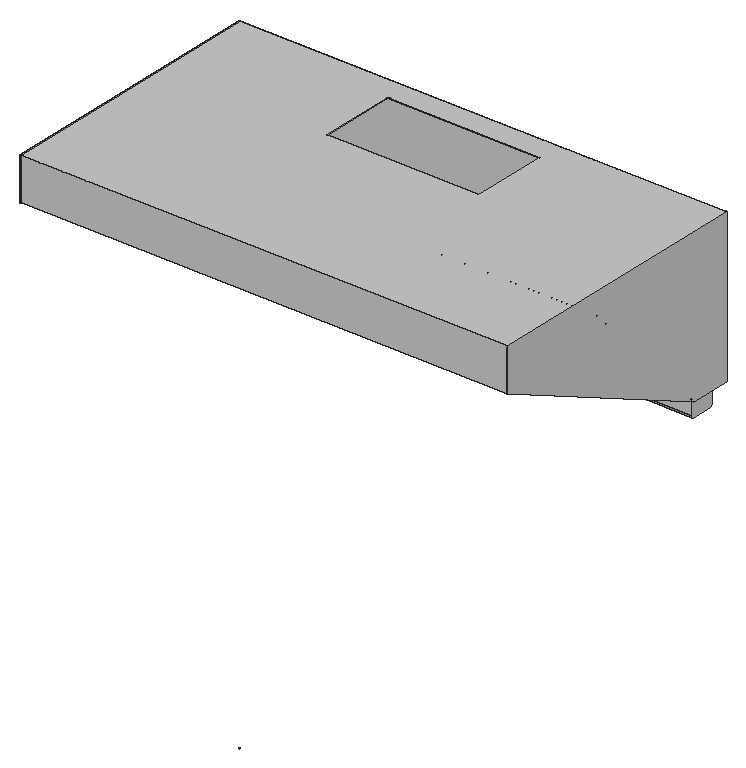
Revit family "QF_ELECTROLUXPROFESSIONAL_642287_MP916BT", category Specialty Equipment, Revit 2014
Reference planes
  plane 1: z = 0
  plane 2 "Center (Left/Right)": x = 150
  plane 3 "LEFT": x = -650
  plane 4 "RIGHT": x = 950
  plane 5 "BACK": y = 550
  plane 6 "Plane": z = 2000
  plane 7 "TOP": z = 2140
  plane 8 "Base": z = 1640
  plane 9: z = 1566
  plane 10 "DrainY": y = 485
  plane 11: x = -647
  plane 12: through (0, 414.509, 1640.8) normal (0, 0.7314, 0.682)
  plane 13: y = 470
  plane 14: y = 220
  plane 15 "DrainX": x = 830
  plane 16: x = -100
  plane 17: x = 400
  plane 18: x = 947
  plane 19: x = 740
  plane 20: x = 920
  plane 21: x = -450
  plane 22: x = 750
  plane 23: x = -47.5
  plane 24: x = 347.5
  plane 25 "Center (Front/Back)": y = 100
  plane 26: y = -350
Forms (mm)
  Extrusion 1, solid, material "QF_Finishes_Stainless Steel"
    sketch origin (-650, 0, 0) x (0, 1, 0) y (0, 0, 1)
      loop
        line (550, 1640) -> (550, 2140) -> (-350, 2140) -> (-350, 1998.603) -> (413.973, 1640) -> (550, 1640)
    from 0 to 3
  Extrusion 2, solid, material "QF_Finishes_Stainless Steel"
    sketch origin (150, 0, 0) x (0, 1, 0) y (0, 0, 1)
      loop
        line (415.255, 1640) -> (550, 1640) -> (550, 2139.19) -> (549.2, 2139.19) -> (549.2, 1640.8) -> (415.876, 1640.8) -> (339.347, 1722.867) -> (349.609, 1732.436) -> (348.927, 1733.167) -> (337.934, 1722.917) -> (415.255, 1640)
      loop
        line (-82.203, 2139.19) -> (-82.203, 2118.6) -> (-31.047, 2118.6) -> (34.354, 2048.466) -> (46.028, 2059.352) -> (45.346, 2060.083) -> (34.403, 2049.879) -> (-30.612, 2119.6) -> (-81.203, 2119.6) -> (-81.203, 2139.19) -> (-82.203, 2139.19)
    from -797 to 797
  Extrusion 3, solid, material "QF_Finishes_Stainless Steel"
    sketch origin (950, 0, 0) x (0, 1, 0) y (0, 0, 1)
      loop
        line (550, 1640) -> (550, 2140) -> (-350, 2140) -> (-350, 1998.603) -> (413.973, 1640) -> (550, 1640)
    from 0 to -3
  Extrusion 4, solid, material "QF_Finishes_Stainless Steel"
    sketch origin (150, 0, 0) x (0, 1, 0) y (0, 0, 1)
      loop
        line (-350, 2140) -> (-350, 2000) -> (-349.2, 2000) -> (-349.2, 2139.19) -> (550, 2139.19) -> (550, 2140) -> (-350, 2140)
    from -800 to 800
  Extrusion 5, solid, material "QF_Finishes_Stainless Steel"
    sketch origin (150, 0, 0) x (0, 1, 0) y (0, 0, 1)
      loop
        line (534, 1640) -> (436, 1640) -> (436, 1627) -> (443.5, 1627) -> (443.5, 1576)
        arc (443.5, 1576) -> (446.429, 1568.929) -> (453.5, 1566) r 10
        line (453.5, 1566) -> (516.5, 1566)
        arc (516.5, 1566) -> (523.571, 1568.929) -> (526.5, 1576) r 10
        line (526.5, 1576) -> (526.5, 1627) -> (534, 1627) -> (534, 1640)
    from 590 to 770
  Extrusion 6, solid, material "QF_Finishes_Stainless Steel"
    sketch origin (0, 0, 1640) x (0, 1, 0) y (-1, 0, 0)
      loop
        circle (485, -830) r 20
    from -76 to -74
  Extrusion 7, solid, material "QF_Finished_Chrome"
    sketch origin (150, 0, 0) x (0, 1, 0) y (0, 0, 1)
      loop
        line (337.934, 1722.917) -> (341.591, 1726.327) -> (38.011, 2051.876) -> (34.354, 2048.466) -> (337.934, 1722.917)
    from -197.5 to -600
  Extrusion 8, solid, material "QF_Finishes_Stainless Steel"
    sketch origin (150, 0, 0) x (0, 1, 0) y (0, 0, 1)
      loop
        line (337.934, 1722.917) -> (341.591, 1726.327) -> (38.011, 2051.876) -> (34.354, 2048.466) -> (337.934, 1722.917)
    from 797 to 600
  Extrusion 9, solid, material "QF_Finished_Chrome"
    sketch origin (150, 0, 0) x (0, 1, 0) y (0, 0, 1)
      loop
        line (341.588, 1726.324) -> (38.009, 2051.874) -> (34.354, 2048.466) -> (337.934, 1722.917) -> (341.588, 1726.324)
    from 197.5 to 600
  Extrusion 10, void
    sketch origin (0, 0, 2140) x (0, 1, 0) y (-1, 0, 0)
      loop
        line (470, -400) -> (470, 100) -> (220, 100) -> (220, -400) -> (470, -400)
    from 0 to -10
  Extrusion 11, solid, material "QF_Finishes_Stainless Steel"
    sketch origin (0, 0, 0) x (1, 0, 0) y (0, 1, 0)
      loop
        line (-650, 550) -> (-650, 549) -> (-649, 549) -> (-649, 550) -> (-650, 550)
    from 0 to 1
  Extrusion 12, solid, material "QF_Finishes_Stainless Steel"
    sketch origin (150, 0, 0) x (0, 1, 0) y (0, 0, 1)
      loop
        line (337.934, 1722.917) -> (341.591, 1726.327) -> (38.011, 2051.876) -> (34.354, 2048.466) -> (337.934, 1722.917)
    from -600 to -797
  Extrusion 13, solid, material "QF_Finishes_Stainless Steel"
    sketch origin (150, 0, 0) x (0, 1, 0) y (0, 0, 1)
      loop
        line (337.934, 1722.917) -> (341.591, 1726.327) -> (38.011, 2051.876) -> (34.354, 2048.466) -> (337.934, 1722.917)
    from 197.5 to -197.5
Cuts and joins
  Extrusion 10 cuts Extrusion 4
  joined: Extrusion 2, Extrusion 4
Lines and regions (mm)
  reference lines
    curve 1: line (150, 34.354, 2048.466) -> (150, 34.354, 1888.466)
  symbolic lines, style "SpecialityEquipment", detail levels coarse
    curve 2: line (950, 550, 2140) -> (-650, 550, 2140)
    curve 3: line (-650, 550, 2140) -> (-650, -350, 2140)
    curve 4: line (950, -350, 2140) -> (950, 550, 2140)
    curve 5: line (-650, -350, 2140) -> (950, -350, 2140)
    curve 6: line (400, 220, 2140) -> (-100, 220, 2140)
    curve 7: line (400, 470, 2140) -> (400, 220, 2140)
    curve 8: line (-100, 470, 2140) -> (400, 470, 2140)
    curve 9: line (-100, 220, 2140) -> (-100, 470, 2140)
    curve 10: line (-650, 550, 0) -> (950, -350, 0)
    curve 11: line (950, 550, 0) -> (-650, -350, 0)
Dimensions and locks
  plane 3 "LEFT" to plane 4 "RIGHT" = 1600 mm
  equal spacing: plane 3 "LEFT", plane 2 "Center (Left/Right)", plane 4 "RIGHT"
  locked: plane 6 "Plane" to level at 2000
  plane 7 "TOP" to plane 6 "Plane" = 140 mm
  locked: plane 7 "TOP" to plane 8 "Base" at 500
  plane 8 "Base" to plane 9 = 74 mm
  plane 5 "BACK" to plane 10 "DrainY" = 65 mm  (x2)
  plane 3 "LEFT" to plane 11 = 3 mm
  plane 5 "BACK" to plane 13 = 80 mm
  plane 13 to plane 14 = 250 mm  (x2)
  plane 15 "DrainX" to plane 4 "RIGHT" = 120 mm
  plane 18 to plane 4 "RIGHT" = 3 mm
  locked: plane 19 to plane 15 "DrainX" at 90
  locked: plane 15 "DrainX" to plane 20 at 90
  plane 13 to plane 5 "BACK" = 80 mm
  plane 3 "LEFT" to plane 21 = 200 mm
  plane 22 to plane 4 "RIGHT" = 200 mm
  locked: plane 23 to plane 24 at 395
  equal spacing: plane 23, plane 2 "Center (Left/Right)", plane 24
  locked: plane 16 to plane 17 at 500
  equal spacing: plane 16, plane 2 "Center (Left/Right)", plane 17
  locked: plane 5 "BACK" to plane 26 at 900
  equal spacing: plane 5 "BACK", plane 25 "Center (Front/Back)", plane 26
  plane 14 to plane 26 = 570 mm
  plane 5 "BACK" to plane 26 = 900 mm
  aligned and locked: level to plane 1
  aligned and locked: Extrusion 2 to Extrusion 1
  aligned and locked: Extrusion 2 to Extrusion 3
  aligned and locked: plane 4 "RIGHT" to Extrusion 4
  aligned and locked: Extrusion 4 to plane 3 "LEFT"
  aligned and locked: plane 18 to Extrusion 8
  aligned and locked: Extrusion 10 to plane 16
  aligned and locked: Extrusion 10 to plane 14
  aligned and locked: Extrusion 10 to plane 13
  aligned and locked: Extrusion 2 to Extrusion 4
  aligned and locked: plane 20 to Extrusion 5
  aligned and locked: Extrusion 5 to plane 19
  aligned and locked: Extrusion 8 to plane 22
  aligned and locked: Extrusion 9 to plane 22
  aligned and locked: Extrusion 7 to plane 21
  aligned and locked: Extrusion 12 to plane 11
  aligned and locked: plane 21 to Extrusion 12
  aligned and locked: Extrusion 3 to plane 18
  aligned and locked: Extrusion 10 to plane 17
  aligned and locked: plane 17 to curve 7
  aligned and locked: plane 24 to Extrusion 13
  aligned and locked: Extrusion 13 to plane 23
  aligned and locked: Extrusion 9 to plane 24
Automatic sketch dimensions
  curve 5 to plane 4 "RIGHT" = 0 mm
  curve 6 to plane 14 = 0 mm
  plane 13 to curve 8 = 0 mm
  curve 3 to plane 3 "LEFT" = 0 mm
  curve 3 to plane 5 "BACK" = 0 mm
  curve 6 to plane 16 = 0 mm
  Extrusion 2 sketch curve to plane 12 = 0 mm  (x3)
  Extrusion 2 sketch curve to plane 8 "Base" = 0 mm
  plane 12 to Extrusion 2 sketch curve = 0 mm
  Extrusion 2 sketch curve to plane 5 "BACK" = 0 mm
  Extrusion 2 sketch curve to Extrusion 2 sketch curve = 65.646 mm
  Extrusion 2 sketch curve to Extrusion 2 sketch curve = 0.682 mm  (x2)
  Extrusion 2 sketch curve to Extrusion 2 sketch curve = 10.261 mm
  plane 8 "Base" to Extrusion 2 sketch curve = 82.917 mm
  Extrusion 2 sketch curve to Extrusion 2 sketch curve = 10.942 mm
  Extrusion 2 sketch curve to Extrusion 2 sketch curve = 0.049 mm
  Extrusion 2 sketch curve to plane 7 "TOP" = 20.4 mm
  Extrusion 2 sketch curve to plane 7 "TOP" = 21.4 mm
  Extrusion 2 sketch curve to plane 7 "TOP" = 0.81 mm  (x2)
  Extrusion 2 sketch curve to Extrusion 2 sketch curve = 50.156 mm
  Extrusion 2 sketch curve to Extrusion 2 sketch curve = 1 mm
  plane 8 "Base" to Extrusion 2 sketch curve = 0.8 mm
  Extrusion 2 sketch curve to plane 5 "BACK" = 0.8 mm
  Extrusion 4 sketch curve to plane 6 "Plane" = 0 mm
  Extrusion 4 sketch curve to plane 5 "BACK" = 0 mm
  Extrusion 4 sketch curve to plane 7 "TOP" = 0 mm
  Extrusion 4 sketch curve to plane 7 "TOP" = 0.81 mm
  curve 1 to plane 12 = 0 mm
  curve 1 to plane 6 "Plane" = 111.534 mm
  Extrusion 5 sketch curve to plane 8 "Base" = 0 mm
  Extrusion 5 sketch curve to plane 9 = 0 mm
  Extrusion 5 sketch curve to plane 8 "Base" = 13 mm  (x2)
  plane 13 to Extrusion 5 sketch curve = 34 mm
  Extrusion 5 sketch curve to Extrusion 5 sketch curve = 7.5 mm  (x2)
  Extrusion 5 sketch curve to Extrusion 5 sketch curve = 10 mm
  plane 10 "DrainY" to Extrusion 5 sketch curve = 31.5 mm
  Extrusion 5 sketch curve to plane 5 "BACK" = 23.5 mm
  Extrusion 6 sketch curve to plane 10 "DrainY" = 0 mm
  Extrusion 6 sketch curve to plane 15 "DrainX" = 0 mm
  Extrusion 7 sketch curve to plane 12 = 0 mm  (x2)
  Extrusion 7 sketch curve to Extrusion 7 sketch curve = 3.657 mm
  plane 8 "Base" to Extrusion 7 sketch curve = 82.917 mm
  Extrusion 8 sketch curve to plane 12 = 0 mm  (x2)
  Extrusion 8 sketch curve to Extrusion 8 sketch curve = 3.657 mm
  plane 8 "Base" to Extrusion 8 sketch curve = 82.917 mm
  Extrusion 9 sketch curve to plane 12 = 0 mm  (x2)
  Extrusion 9 sketch curve to Extrusion 9 sketch curve = 3.655 mm
  plane 8 "Base" to Extrusion 9 sketch curve = 82.917 mm
  Extrusion 10 sketch curve to plane 14 = 0 mm
  plane 13 to Extrusion 10 sketch curve = 0 mm
  Extrusion 10 sketch curve to plane 17 = 0 mm
  Extrusion 10 sketch curve to plane 16 = 0 mm
  Extrusion 11 sketch curve to plane 3 "LEFT" = 0 mm
  Extrusion 11 sketch curve to plane 5 "BACK" = 0 mm
  plane 3 "LEFT" to Extrusion 11 sketch curve = 1 mm
  Extrusion 11 sketch curve to Extrusion 11 sketch curve = 1 mm
  Extrusion 12 sketch curve to plane 12 = 0 mm  (x2)
  Extrusion 12 sketch curve to Extrusion 12 sketch curve = 3.657 mm
  plane 8 "Base" to Extrusion 12 sketch curve = 82.917 mm
  Extrusion 13 sketch curve to plane 12 = 0 mm  (x2)
  Extrusion 13 sketch curve to Extrusion 13 sketch curve = 3.657 mm
  plane 8 "Base" to Extrusion 13 sketch curve = 82.917 mm
  Extrusion 4 sketch curve to Extrusion 4 sketch curve = 0.8 mm
  curve 5 to plane 14 = 570 mm
  plane 6 "Plane" to Extrusion 2 sketch curve = 48.466 mm
  Extrusion 4 sketch curve to plane 14 = 569.2 mm
  curve 1 to plane 14 = 185.646 mm
  plane 6 "Plane" to Extrusion 7 sketch curve = 51.876 mm
  plane 6 "Plane" to Extrusion 8 sketch curve = 51.876 mm
  plane 6 "Plane" to Extrusion 9 sketch curve = 51.874 mm
  plane 6 "Plane" to Extrusion 12 sketch curve = 51.876 mm
  plane 6 "Plane" to Extrusion 13 sketch curve = 51.876 mm
  Extrusion 3 sketch curve to plane 5 "BACK" = 0 mm
  Extrusion 1 sketch curve to plane 26 = 0 mm
  Extrusion 1 sketch curve to plane 8 "Base" = 0 mm
  Extrusion 1 sketch curve to plane 5 "BACK" = 0 mm
  Extrusion 1 sketch curve to plane 7 "TOP" = 0 mm
  plane 13 to Extrusion 1 sketch curve = 56.027 mm
  Extrusion 1 sketch curve to plane 6 "Plane" = 1.397 mm
  Extrusion 3 sketch curve to plane 8 "Base" = 0 mm
  plane 13 to Extrusion 3 sketch curve = 56.027 mm
  Extrusion 3 sketch curve to plane 26 = 0 mm
  Extrusion 3 sketch curve to plane 6 "Plane" = 1.397 mm
  Extrusion 3 sketch curve to plane 7 "TOP" = 0 mm
  curve 11 to plane 3 "LEFT" = 0 mm
  curve 10 to plane 3 "LEFT" = 0 mm
  curve 11 to plane 4 "RIGHT" = 0 mm
  curve 10 to plane 4 "RIGHT" = 0 mm
  curve 10 to plane 26 = 0 mm
  curve 11 to plane 26 = 0 mm
  curve 11 to plane 5 "BACK" = 0 mm
  curve 10 to plane 5 "BACK" = 0 mm
  radius of Extrusion 6 sketch curve = 20 mm
Connectors
  piping at (830, 485, 1564), diameter 20
    settings: on Extrusion 6, index 1, connector inside diameter 609.6 mm, connector length 0 mm, flow factor 0, pipe flow 0.0 L/s, pressure drop 0.0 Pa, fitting loss kfactor 0, connector angle 0.00°, fixture units 0, engagement length 0 mm, angle of deflection 0.00°, flow configuration 1, flow direction 2, fitting loss method 0, system type 16, joint type 0, gender type 0, connector reference index -1, connector utility 0, adjustable connector no, is connector primary yes, connector description "Drain"
  hvac at (150, 345, 2140)
    settings: on Extrusion 10, index 2, duct flow 0.0 L/s, flow factor 0, pres drop 0.0 Pa, loss coef 0, conn angle 0.00°, conn width 250 mm, conn height 500 mm, conn diameter 609.6 mm, duct sys type 3, conn prof type 1, flow config 1, flow direction 0, loss method 0, conn ref index -1, conn util no, is conn primary yes, conn desc "EXHAUST OUTLET"
